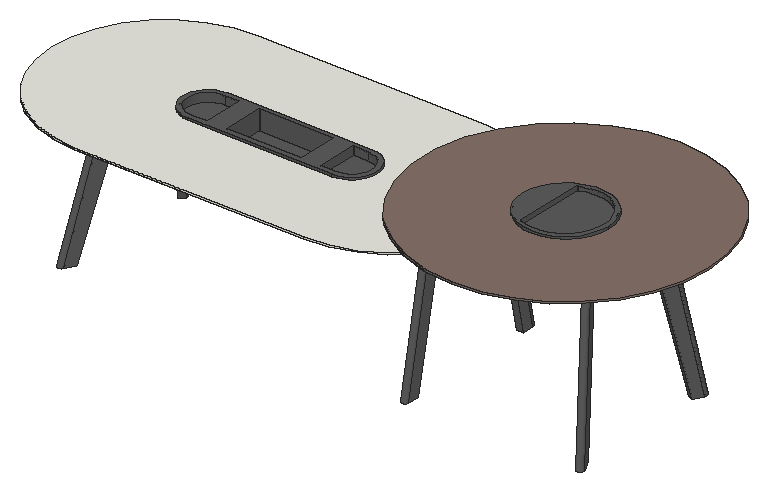
Revit family "Haworth_Immerse_ShiftTable_RacetrackRound", category Furniture Systems, Revit 2018
Family settings
  Round Connector Dimension = Use Diameter
  Part Type = Normal
  OmniClass Number = 23.40.70.14.64.21
  OmniClass Title = Systems Furniture
  Work Plane-Based = No
  Always vertical = Yes
  Cut with Voids When Loaded = No
  Shared = No
  Room Calculation Point = No
Parameters (values of type "48d 96w 60d 60w 29h - Two Planters")
  Warranty = "http://www.haworth.com/resources/product-info/warranties"
  Void Baseline Height = 18"  # constant formula
  Upper Top Finish [instance] = Haworth _ Wood _ Walnut
  Understructure Finish [instance] = Haworth _ Paint _ Black
  URL - Product = "http://www.haworth.com/products/tables/collaborative/immerse"
  Standard Size = "48d 96w, 60d 60w"  # constant formula
  Standard Height = "29 in"  # constant formula
  Stack Spacer Finish [instance] = Haworth _ Paint _ Graphite
  Size = "Verify Final Dim. w/ Haworth"  # constant formula
  Round Planter Void Height = if(Round Planter, 24", 6")  # 24"
  Round Planter = yes
  Planter Finish [instance] = Haworth _ Paint _ Black
  Oblong Planter Void Height = if(Oblong Planter, 22", 6")  # 22"
  Oblong Planter = yes
  Model = "THTD-48D8"  # constant formula
  URL = "https://www.haworth.com/na/en.html"
  Revision Number = "1"  # constant formula
  Manufacturer = "Haworth"  # constant formula
  Lower Top Finish [instance] = Haworth _ Paint _ Polar
  Leg Finish [instance] = Haworth _ Wood _ Ink On Ash
  Description = "Haworth Immerse Shift Table Racetrack Round - 48d 96w 60d 60w 29h - Two Planters"
  Author = "Haworth (Bentzen)"  # constant formula
  Assembly Code = "E2020200"
  Actual Width = 138"  # constant formula
  Actual Height = 29"  # constant formula
  Actual Depth = 60"  # constant formula
Types (5): name | Round Planter Void Height | Round Planter | Oblong Planter Void Height | Oblong Planter | Description
  (no name) | 24" | yes | 22" | yes | "Haworth Immerse Shift Table Racetrack Round - 48d 96w 60d 60w 29h - Two Planters"
  48d 96w 60d 60w 29h - Round Planter | 24" | yes | 6" | no | "Haworth Immerse Shift Table Racetrack Round - 48d 96w 60d 60w 29h - Round Planter"
  48d 96w 60d 60w 29h - No Planter | 6" | no | 6" | no | "Haworth Immerse Shift Table Racetrack Round - 48d 96w 60d 60w 29h - No Planter"
  48d 96w 60d 60w 29h - Oblong Planter | 6" | no | 22" | yes | "Haworth Immerse Shift Table Racetrack Round - 48d 96w 60d 60w 29h - Oblong Planter"
  48d 96w 60d 60w 29h - Two Planters | 24" | yes | 22" | yes | "Haworth Immerse Shift Table Racetrack Round - 48d 96w 60d 60w 29h - Two Planters"
Reference planes (in)
  plane 1 "Center F/B": y = 18.84134
  plane 2 "Floor": z = 0
  plane 3 "Center L/R": x = -40.5
  plane 4 "Table Edge Left": x = -109.5
  plane 5 "Table Edge Right": x = 28.5
  plane 6 "Table Edge Front": y = -11.15866
  plane 7 "Table Edge Back": y = 48.84134
  plane 8 "Round Top": z = 35.75002
  plane 9 "Rect Back": y = 42.84134
  plane 10 "Rect Front": y = -5.15866
  plane 11 "Rect Left": x = -13.5
  plane 12 "Top Radius": x = -28.5
  plane 13: y = 8.62865
  plane 14: y = 29.05403
  plane 15 "Round Mid": z = 35.37446
  plane 16 "Round Bottom": z = 34.56196
  plane 17 "Rect Top": z = 29
  plane 18 "Rect Mid": z = 28.62445
  plane 19 "Rect Bottom": z = 27.81195
  plane 20 "Round Center": x = -1.5
  plane 21: through (-89.18122, 11.94051, 48) normal (0.866, -0.5, 0)
  plane 22 "Lower Void Top": z = 40
  plane 23 "Void Bottom": z = 18
  plane 24 "Upper Void Top": z = 42
  plane 25 "Oblong Mid": x = -61.52883
  plane 26: x = -31.50038
Forms (in)
  Extrusion 1, solid, material "Haworth _ Paint _ Polar" <- "Lower Top Finish"
    sketch origin (0, 0, 37.5) x (-1, 0, 0) y (0, -1, 0)
      loop
        line (37.38842, -42.84134) -> (85.38842, -42.84134)
        arc (85.38842, -42.84134) -> (109.38842, -18.84134) -> (85.38842, 5.15866) r 24
        line (85.38842, 5.15866) -> (37.38842, 5.15866)
        arc (37.38842, 5.15866) -> (13.38842, -18.84134) -> (37.38842, -42.84134) r 24
    from -8.87555 to -8.5
  Blend 2, solid, material "Haworth _ Paint _ Polar" <- "Lower Top Finish"
    base sketch origin (0, 0, 28.62445) x (0, -1, 0) y (1, 0, 0)
      loop
        arc (-40.84134, -85.52788) -> (-18.84134, -107.52788) -> (3.15866, -85.52788) r 22
        line (3.15866, -85.52788) -> (3.15866, -37.38842)
        arc (3.15866, -37.38842) -> (-18.84134, -15.38842) -> (-40.84134, -37.38842) r 22
        line (-40.84134, -37.38842) -> (-40.84134, -85.52788)
    top sketch origin (0, 0, 28.62445) x (0, -1, 0) y (1, 0, 0)
      loop
        arc (-42.84134, -85.38842) -> (-18.84134, -109.38842) -> (5.15866, -85.38842) r 24
        line (5.15866, -85.38842) -> (5.15866, -37.38842)
        arc (5.15866, -37.38842) -> (-18.84134, -13.38842) -> (-42.84134, -37.38842) r 24
        line (-42.84134, -37.38842) -> (-42.84134, -85.38842)
    from -0.8125 to 0
  Extrusion 3, solid, material "Haworth _ Wood _ Walnut" <- "Upper Top Finish"
    sketch origin (0, 0, 28.62445) x (0, -1, 0) y (1, 0, 0)
      loop
        circle (-18.84134, -1.5) r 30
    from 6.75002 to 7.12557
  Blend 4, solid, material "Haworth _ Wood _ Walnut" <- "Upper Top Finish"
    base sketch origin (0, 0, 35.87445) x (0, -1, 0) y (1, 0, 0)
      loop
        circle (-18.84134, -1.5) r 28
    top sketch origin (0, 0, 35.37446) x (0, -1, 0) y (1, 0, 0)
      loop
        circle (-18.84134, -1.5) r 30
    from -1.31248 to 0
  Blend 5, solid, material "Haworth _ Wood _ Ink On Ash" <- "Leg Finish"
    base sketch origin (0, 0, 35.37446) x (0, -1, 0) y (1, 0, 0)
      loop
        line (-5.12742, -94.00965) -> (-3.14193, -95.15598)
        arc (-3.14193, -95.15598) -> (-2.08219, -94.87202) -> (-2.36615, -93.81228) r 0.77578
        line (-2.36615, -93.81228) -> (-4.35163, -92.66596) -> (-5.12742, -94.00965)
    top sketch origin (0, 0, 35.37446) x (0, -1, 0) y (1, 0, 0)
      loop
        line (-11.55301, -88.51006) -> (-12.32801, -89.85239) -> (-9.43473, -91.52283)
        arc (-9.43473, -91.52283) -> (-8.37606, -91.23915) -> (-8.65973, -90.18048) r 0.775
        line (-8.65973, -90.18048) -> (-11.55301, -88.51006)
    from -35.37446 to -7.55446
  Extrusion 6, solid, material "Haworth _ Paint _ Black" <- "Understructure Finish"
    sketch origin (0, 18.84134, 0) x (1, 0, 0) y (0, 0, 1)
      loop
        line (-88.54883, 27.81195) -> (-90.28088, 27.81195) -> (-90.28088, 25.26448) -> (-88.54883, 25.26448) -> (-88.54883, 27.81195)
    from -7.90178 to 7.90541
  Blend 7, solid, material "Haworth _ Wood _ Ink On Ash" <- "Leg Finish"
    base sketch origin (-80, 0, 35.87445) x (0, -1, 0) y (1, 0, 0)
      loop
        line (-5.12742, 94.00965) -> (-4.35163, 92.66596) -> (-2.36615, 93.81228)
        arc (-2.36615, 93.81228) -> (-2.08219, 94.87202) -> (-3.14193, 95.15598) r 0.77578
        line (-3.14193, 95.15598) -> (-5.12742, 94.00965)
    top sketch origin (-80, 0, 35.37446) x (0, -1, 0) y (1, 0, 0)
      loop
        line (-11.55301, 88.51006) -> (-8.65973, 90.18048)
        arc (-8.65973, 90.18048) -> (-8.37606, 91.23915) -> (-9.43473, 91.52283) r 0.775
        line (-9.43473, 91.52283) -> (-12.32801, 89.85239) -> (-11.55301, 88.51006)
    from -35.87445 to -0.8125
  Blend 8, solid, material "Haworth _ Wood _ Ink On Ash" <- "Leg Finish"
    base sketch origin (-80, 37.68268, 35.37446) x (0, 1, 0) y (-1, 0, 0)
      loop
        line (-5.12742, -94.00965) -> (-3.14193, -95.15598)
        arc (-3.14193, -95.15598) -> (-2.08219, -94.87202) -> (-2.36615, -93.81228) r 0.77578
        line (-2.36615, -93.81228) -> (-4.35163, -92.66596) -> (-5.12742, -94.00965)
    top sketch origin (-80, 37.68268, 35.37446) x (0, 1, 0) y (-1, 0, 0)
      loop
        line (-11.55301, -88.51006) -> (-12.32801, -89.85239) -> (-9.43473, -91.52283)
        arc (-9.43473, -91.52283) -> (-8.37606, -91.23915) -> (-8.65973, -90.18048) r 0.775
        line (-8.65973, -90.18048) -> (-11.55301, -88.51006)
    from -35.37446 to -0.8125
  Extrusion 9, solid, material "Haworth _ Paint _ Black" <- "Understructure Finish"
    sketch origin (-80, 18.84134, 6.75) x (-1, 0, 0) y (0, 0, -1)
      loop
        line (-88.54883, -27.81195) -> (-88.54883, -25.26448) -> (-90.28088, -25.26448) -> (-90.28088, -27.81195) -> (-88.54883, -27.81195)
    from -8.13731 to 8.13731
  Blend 10, solid, material "Haworth _ Wood _ Ink On Ash" <- "Leg Finish"
    base sketch origin (0, 0, 35.37446) x (0, -1, 0) y (1, 0, 0)
      loop
        line (-4.90286, -22.96047) -> (-2.64952, -22.96047)
        arc (-2.64952, -22.96047) -> (-1.87452, -22.18547) -> (-2.64952, -21.41047) r 0.775
        line (-2.64952, -21.41047) -> (-4.90286, -21.41047) -> (-4.90286, -22.96047)
    top sketch origin (0, 0, 35.37446) x (0, -1, 0) y (1, 0, 0)
      loop
        line (-10.91669, -22.96052) -> (-8.31345, -22.96052)
        arc (-8.31345, -22.96052) -> (-7.5384, -22.18547) -> (-8.31345, -21.41042) r 0.77505
        line (-8.31345, -21.41042) -> (-10.91669, -21.41042) -> (-10.91669, -22.96052)
    from -35.37446 to -7.56252
  Blend 11, solid, material "Haworth _ Wood _ Ink On Ash" <- "Leg Finish"
    base sketch origin (0, 37.68268, 35.37446) x (0, 1, 0) y (-1, 0, 0)
      loop
        line (-4.90286, 22.96047) -> (-4.90286, 21.41047) -> (-2.64952, 21.41047)
        arc (-2.64952, 21.41047) -> (-1.87452, 22.18547) -> (-2.64952, 22.96047) r 0.775
        line (-2.64952, 22.96047) -> (-4.90286, 22.96047)
    top sketch origin (0, 37.68268, 35.37446) x (0, 1, 0) y (-1, 0, 0)
      loop
        line (-10.91669, 22.96052) -> (-10.91669, 21.41042) -> (-8.31345, 21.41042)
        arc (-8.31345, 21.41042) -> (-7.5384, 22.18547) -> (-8.31345, 22.96052) r 0.77505
        line (-8.31345, 22.96052) -> (-10.91669, 22.96052)
    from -35.37446 to -7.56252
  Blend 12, solid, material "Haworth _ Paint _ Graphite" <- "Stack Spacer Finish"
    base sketch origin (0, 0, 35.37446) x (0, -1, 0) y (1, 0, 0)
      loop
        line (-29.60909, -22.93693) -> (-8.07359, -22.93693)
        arc (-8.07359, -22.93693) -> (-7.29856, -22.16189) -> (-8.07359, -21.38686) r 0.77503
        line (-8.07359, -21.38686) -> (-29.60909, -21.38686)
        arc (-29.60909, -21.38686) -> (-30.38413, -22.16189) -> (-29.60909, -22.93693) r 0.77503
    top sketch origin (0, 0, 35.37446) x (0, -1, 0) y (1, 0, 0)
      loop
        line (-28.279, -22.93693) -> (-9.40368, -22.93693)
        arc (-9.40368, -22.93693) -> (-8.62865, -22.16189) -> (-9.40368, -21.38686) r 0.77503
        line (-9.40368, -21.38686) -> (-28.279, -21.38686)
        arc (-28.279, -21.38686) -> (-29.05403, -22.16189) -> (-28.279, -22.93693) r 0.77503
    from -6.37446 to -0.80345
  Extrusion 13, solid, material "Haworth _ Paint _ Black" <- "Understructure Finish"
    sketch origin (3.75, 18.84134, 0) x (1, 0, 0) y (0, 0, 1)
      loop
        line (-26.78513, 27.81195) -> (-92.29883, 27.81195) -> (-92.29883, 25.26448) -> (-26.78513, 25.26448) -> (-26.78513, 27.81195)
    from 6.49696 to 7.90541
  Extrusion 14, solid, material "Haworth _ Paint _ Black" <- "Understructure Finish"
    sketch origin (3.75, 18.84134, 0) x (1, 0, 0) y (0, 0, -1)
      loop
        line (-26.78513, -27.81195) -> (-26.78513, -25.26448) -> (-92.29883, -25.26448) -> (-92.29883, -27.81195) -> (-26.78513, -27.81195)
    from 6.49696 to 7.90178
  Extrusion 15, solid, material "Haworth _ Paint _ Black" <- "Understructure Finish"
    sketch origin (-85.75, 18.84134, 6.75) x (-1, 0, 0) y (0, 0, -1)
      loop
        line (-64.44692, -27.81195) -> (-64.44692, -25.26448) -> (-94.29883, -25.26448) -> (-94.29883, -27.81195) -> (-64.44692, -27.81195)
    from -8.13731 to -6.75178
  Extrusion 16, solid, material "Haworth _ Paint _ Black" <- "Understructure Finish"
    sketch origin (-85.75, 18.84134, 6.75) x (-1, 0, 0) y (0, 0, 1)
      loop
        line (-64.44692, 27.81195) -> (-94.29883, 27.81195) -> (-94.29883, 25.26448) -> (-64.44692, 25.26448) -> (-64.44692, 27.81195)
    from -8.13731 to -6.73249
  Extrusion 17, solid, material "Haworth _ Paint _ Black" <- "Understructure Finish"
    sketch origin (67.24575, 18.84134, 0) x (1, 0, 0) y (0, 0, 1)
      loop
        line (-88.54883, 27.81195) -> (-90.28088, 27.81195) -> (-90.28088, 25.26448) -> (-88.54883, 25.26448) -> (-88.54883, 27.81195)
    from -7.90178 to 7.90541
  Extrusion 18, void
    sketch origin (0, 0, 18) x (-1, 0, 0) y (0, -1, 0)
      loop
        arc (76.59, -23.65134) -> (81.4, -18.84134) -> (76.59, -14.03134) r 4.81
        line (76.59, -14.03134) -> (46.41, -14.03134)
        arc (46.41, -14.03134) -> (41.6, -18.84134) -> (46.41, -23.65134) r 4.81
        line (46.41, -23.65134) -> (76.59, -23.65134)
    from 0 to 22
  Extrusion 19, void
    sketch origin (0, 0, 18) x (-1, 0, 0) y (0, -1, 0)
      loop
        line (5.61887, -26.65184) -> (5.61887, -23.65184) -> (8.9046, -23.65184)
        arc (8.9046, -23.65184) -> (10.33, -18.84134) -> (8.9046, -14.03084) r 8.83
        line (8.9046, -14.03084) -> (5.61887, -14.03084) -> (5.61887, -11.03084)
        arc (5.61887, -11.03084) -> (-7.33, -18.84134) -> (5.61887, -26.65184) r 8.83
    from 0 to 24
  Blend 20, solid, material "Haworth _ Wood _ Ink On Ash" <- "Leg Finish"
    base sketch origin (0, 37.68268, 35.37446) x (0, 1, 0) y (-1, 0, 0)
      loop
        line (-5.12742, 94.00965) -> (-4.35163, 92.66596) -> (-2.36615, 93.81228)
        arc (-2.36615, 93.81228) -> (-2.08219, 94.87202) -> (-3.14193, 95.15598) r 0.77578
        line (-3.14193, 95.15598) -> (-5.12742, 94.00965)
    top sketch origin (0, 37.68268, 35.37446) x (0, 1, 0) y (-1, 0, 0)
      loop
        line (-11.55301, 88.51006) -> (-8.65973, 90.18048)
        arc (-8.65973, 90.18048) -> (-8.37606, 91.23915) -> (-9.43473, 91.52283) r 0.775
        line (-9.43473, 91.52283) -> (-12.32801, 89.85239) -> (-11.55301, 88.51006)
    from -35.37446 to -7.55446
Cuts and joins
  Extrusion 18 cuts Extrusion 1
  Extrusion 18 cuts Blend 2
  Extrusion 19 cuts Extrusion 3
  Extrusion 19 cuts Blend 4
Lines and regions (in)
  Masking region 1
    outline origin (0, 0, 0) x (1, 0, 0) y (0, 1, 0)
      loop
        line (-37.38842, 42.84134) -> (-85.38842, 42.84134)
        arc (-85.38842, 42.84134) -> (-109.38842, 18.84134) -> (-85.38842, -5.15866) r 24
        line (-85.38842, -5.15866) -> (-37.38842, -5.15866)
        arc (-37.38842, -5.15866) -> (-30.36533, -4.1045) -> (-23.96121, -1.03491) r 23.92185
        arc (-23.96121, -1.03491) -> (28.5, 18.84134) -> (-23.96121, 38.7176) r 29.99592
        arc (-23.96121, 38.7176) -> (-30.36533, 41.78718) -> (-37.38842, 42.84134) r 23.92185
  symbolic lines, style "Haworth Hidden", detail levels fine
    curve 1: arc (-22.96052, 2.63669, 0) -> (-22.18549, 1.86167, 0) -> (-21.41047, 2.63669, 0) r 0.77502
    curve 2: line (-22.96052, 2.63669, 0) -> (-22.96052, 35.04599, 0)
    curve 3: line (-21.41047, 2.63669, 0) -> (-21.41047, 35.04599, 0)
    curve 4: arc (-22.96052, 35.04599, 0) -> (-22.18549, 35.82101, 0) -> (-21.41047, 35.04599, 0) r 0.77502
    curve 5: line (-90.28088, 25.73538, 0) -> (-90.28088, 12.13095, 0)
    curve 6: line (-88.54883, 25.3383, 0) -> (-88.54883, 12.34438, 0)
    curve 7: line (-88.54883, 25.3383, 0) -> (-23.35142, 25.3383, 0)
    curve 8: line (-88.54815, 26.74312, 0) -> (-23.35142, 26.74312, 0)
    curve 9: line (-88.54883, 12.34438, 0) -> (-23.35142, 12.34438, 0)
    curve 10: line (-88.54815, 10.93956, 0) -> (-23.35142, 10.93956, 0)
    curve 11: line (-21.2839, 26.97866, 0) -> (8.54883, 26.97866, 0)
    curve 12: line (-21.2839, 25.57384, 0) -> (8.54883, 25.57384, 0)
    curve 13: line (-21.2839, 12.10885, 0) -> (8.54883, 12.10885, 0)
    curve 14: line (-21.2839, 10.70403, 0) -> (8.54883, 10.70403, 0)
    curve 15: line (10.28088, 25.73538, 0) -> (10.28088, 11.918, 0)
    curve 16: line (8.54883, 25.3383, 0) -> (8.54883, 12.34438, 0)
    curve 17: line (-88.54815, 10.93956, 0) -> (-93.4404, 2.46593, 0)
    curve 18: line (-90.28088, 12.13095, 0) -> (-95.25584, 3.51408, 0)
    curve 19: arc (-93.4404, 2.46593, 0) -> (-94.87219, 2.08229, 0) -> (-95.25584, 3.51408, 0) r 1.04814
    curve 20: line (-88.54815, 26.74312, 0) -> (-93.4404, 35.21675, 0)
    curve 21: line (-90.28088, 25.55173, 0) -> (-95.25584, 34.16861, 0)
    curve 22: arc (-93.4404, 35.21675, 0) -> (-94.87219, 35.60039, 0) -> (-95.25584, 34.16861, 0) r 1.04814
    curve 23: line (8.54815, 26.74312, 0) -> (13.4404, 35.21675, 0)
    curve 24: line (10.28088, 25.55173, 0) -> (15.25584, 34.16861, 0)
    curve 25: arc (13.4404, 35.21675, 0) -> (14.87219, 35.60039, 0) -> (15.25584, 34.16861, 0) r 1.04814
    curve 26: line (8.54815, 10.93956, 0) -> (13.4404, 2.46593, 0)
    curve 27: line (10.28088, 12.13095, 0) -> (15.25584, 3.51408, 0)
    curve 28: arc (13.4404, 2.46593, 0) -> (14.87219, 2.08229, 0) -> (15.25584, 3.51408, 0) r 1.04814
    curve 29: arc (-23.96121, 38.7176, 0) -> (-13.38842, 18.84134, 0) -> (-23.96121, -1.03491, 0) r 23.96952
  symbolic lines, style "Haworth"
    curve 30: arc (-23.96121, -1.03491, 0) -> (-31.50038, 18.84134, 0) -> (-23.96121, 38.7176, 0) r 29.97045
Dimensions and locks (in)
  "Actual Depth": plane 7 "Table Edge Back" to plane 6 "Table Edge Front"
  "Actual Width": plane 4 "Table Edge Left" to plane 5 "Table Edge Right"
  equal spacing: plane 4 "Table Edge Left", plane 3 "Center L/R", plane 5 "Table Edge Right"
  equal spacing: plane 7 "Table Edge Back", plane 1 "Center F/B", plane 6 "Table Edge Front"
  plane 10 "Rect Front" to plane 1 "Center F/B" to plane 9 "Rect Back" = 24", 24"
  "Void Baseline Height": plane 23 "Void Bottom" to plane 2 "Floor"
  "Oblong Planter Void Height": plane 22 "Lower Void Top" to plane 23 "Void Bottom"
  "Round Planter Void Height": plane 24 "Upper Void Top" to plane 23 "Void Bottom"
  plane 8 "Round Top" to plane 15 "Round Mid" to plane 16 "Round Bottom" to plane 17 "Rect Top" to plane 18 "Rect Mid" to plane 19 "Rect Bottom" = 0.37555" locked, 13/16" locked, 5.56196" locked, 0.37555" locked, 13/16" locked
  "Actual Height": plane 17 "Rect Top" to plane 2 "Floor"
  aligned and locked: plane 18 "Rect Mid" to Extrusion 1
  aligned and locked: plane 19 "Rect Bottom" to Blend 2
  aligned and locked: Blend 2 to plane 18 "Rect Mid"
  aligned and locked: Extrusion 3 to plane 8 "Round Top"
  aligned and locked: plane 15 "Round Mid" to Extrusion 3
  aligned and locked: Blend 4 to plane 15 "Round Mid"
  aligned and locked: Extrusion 18 to plane 23 "Void Bottom"
  aligned and locked: plane 22 "Lower Void Top" to Extrusion 18
  aligned and locked: Extrusion 19 to plane 23 "Void Bottom"
  aligned and locked: Extrusion 19 to plane 24 "Upper Void Top"
  aligned and locked: nested 5 to plane 1 "Center F/B"
  aligned and locked: plane 25 "Oblong Mid" to nested 5
  aligned and locked: nested 6 to plane 1 "Center F/B"
  aligned and locked: plane 20 "Round Center" to nested 6
  aligned and locked: plane 8 "Round Top" to nested 6
  aligned and locked: plane 10 "Rect Front" to cut or joined group of Extrusion 1, Extrusion 18
  aligned and locked: plane 9 "Rect Back" to cut or joined group of Extrusion 1, Extrusion 18
  aligned and locked: plane 16 "Round Bottom" to nested 3
  aligned and locked: nested 4 to plane 16 "Round Bottom"
  aligned and locked: cut or joined group of Extrusion 1, Extrusion 18 to plane 17 "Rect Top"
  aligned and locked: nested 1 to plane 19 "Rect Bottom"
  aligned and locked: plane 19 "Rect Bottom" to nested 2
  aligned and locked: Blend 5 to plane 2 "Floor"
  aligned and locked: Blend 20 to plane 2 "Floor"
  aligned and locked: Blend 10 to plane 2 "Floor"
  aligned and locked: Blend 11 to plane 2 "Floor"
  aligned and locked: Blend 8 to plane 2 "Floor"
  aligned and locked: plane 16 "Round Bottom" to cut or joined group of Blend 4, Extrusion 19
  aligned and locked: plane 17 "Rect Top" to nested 5
Automatic sketch dimensions
  plane 1 "Center F/B" to Extrusion 3 sketch curve = 0"
  Extrusion 3 sketch curve to plane 20 "Round Center" = 0"
  plane 1 "Center F/B" to Blend 4 sketch curve = 0"  (x2)
  Blend 4 sketch curve to plane 20 "Round Center" = 0"  (x2)
  plane 13 to Blend 5 sketch curve = 3.50123"
  Blend 5 sketch curve to Blend 5 sketch curve = 0.77578"
  Blend 5 sketch curve to Blend 5 sketch curve = 1.98549"
  Blend 5 sketch curve to Blend 5 sketch curve = 0.38789"  (x2)
  plane 4 "Table Edge Left" to Blend 5 sketch curve = 14.34402"
  Blend 5 sketch curve to Blend 5 sketch curve = 0.67185"
  Blend 5 sketch curve to plane 13 = 3.69936"
  Blend 5 sketch curve to Blend 5 sketch curve = 0.775"
  Blend 5 sketch curve to plane 13 = 0.80608"
  Blend 5 sketch curve to plane 13 = 0.41858"
  Blend 5 sketch curve to plane 13 = 0.03108"
  plane 4 "Table Edge Left" to Blend 5 sketch curve = 17.97717"
  Blend 5 sketch curve to Blend 5 sketch curve = 0.67117"
  Blend 5 sketch curve to Blend 5 sketch curve = 1.67043"
  Blend 5 sketch curve to Blend 5 sketch curve = 1.34233"
  Extrusion 6 sketch curve to plane 19 "Rect Bottom" = 0"
  plane 4 "Table Edge Left" to Extrusion 6 sketch curve = 19.21912"
  Extrusion 6 sketch curve to Extrusion 6 sketch curve = 1.73205"
  Extrusion 6 sketch curve to Extrusion 6 sketch curve = 2.54747"
  Blend 7 sketch curve to plane 13 = 3.50123"
  Blend 7 sketch curve to Blend 7 sketch curve = 0.77578"
  Blend 7 sketch curve to Blend 7 sketch curve = 1.98549"
  Blend 7 sketch curve to Blend 7 sketch curve = 0.38789"  (x2)
  plane 5 "Table Edge Right" to Blend 7 sketch curve = 13.34402"
  Blend 7 sketch curve to Blend 7 sketch curve = 0.67185"
  plane 13 to Blend 7 sketch curve = 3.69936"
  Blend 7 sketch curve to Blend 7 sketch curve = 0.775"
  plane 13 to Blend 7 sketch curve = 0.80608"
  plane 13 to Blend 7 sketch curve = 0.41858"
  plane 13 to Blend 7 sketch curve = 0.03108"
  Blend 7 sketch curve to plane 20 "Round Center" = 13.02283"
  Blend 7 sketch curve to Blend 7 sketch curve = 0.67117"
  Blend 7 sketch curve to Blend 7 sketch curve = 1.67043"
  Blend 7 sketch curve to Blend 7 sketch curve = 1.34233"
  plane 14 to Blend 8 sketch curve = 3.50123"
  Blend 8 sketch curve to Blend 8 sketch curve = 0.77578"
  Blend 8 sketch curve to Blend 8 sketch curve = 1.98549"
  Blend 8 sketch curve to Blend 8 sketch curve = 0.38789"  (x2)
  Blend 8 sketch curve to plane 5 "Table Edge Right" = 13.34402"
  Blend 8 sketch curve to Blend 8 sketch curve = 0.67185"
  Blend 8 sketch curve to plane 14 = 3.69936"
  Blend 8 sketch curve to Blend 8 sketch curve = 0.775"
  Blend 8 sketch curve to plane 14 = 0.80608"
  Blend 8 sketch curve to plane 14 = 0.41858"
  Blend 8 sketch curve to plane 14 = 0.03108"
  plane 20 "Round Center" to Blend 8 sketch curve = 13.02283"
  Blend 8 sketch curve to Blend 8 sketch curve = 0.67117"
  Blend 8 sketch curve to Blend 8 sketch curve = 1.67043"
  Blend 8 sketch curve to Blend 8 sketch curve = 1.34233"
  Extrusion 9 sketch curve to plane 16 "Round Bottom" = 0"
  Extrusion 9 sketch curve to plane 20 "Round Center" = 11.78088"
  Extrusion 9 sketch curve to Extrusion 9 sketch curve = 1.73205"
  Extrusion 9 sketch curve to Extrusion 9 sketch curve = 2.54747"
  plane 13 to Blend 10 sketch curve = 3.72579"
  Blend 10 sketch curve to Blend 10 sketch curve = 2.25334"
  plane 12 "Top Radius" to Blend 10 sketch curve = 5.53953"
  Blend 10 sketch curve to Blend 10 sketch curve = 0.775"
  Blend 10 sketch curve to plane 13 = 2.28804"
  plane 13 to Blend 10 sketch curve = 0.3152"
  plane 12 "Top Radius" to Blend 10 sketch curve = 5.53948"
  Blend 10 sketch curve to Blend 10 sketch curve = 0.77505"
  Blend 11 sketch curve to plane 14 = 3.72579"
  Blend 11 sketch curve to Blend 11 sketch curve = 2.25334"
  Blend 11 sketch curve to plane 12 "Top Radius" = 5.53953"
  Blend 11 sketch curve to Blend 11 sketch curve = 0.775"
  plane 14 to Blend 11 sketch curve = 2.28804"
  Blend 11 sketch curve to plane 14 = 0.3152"
  Blend 11 sketch curve to plane 12 "Top Radius" = 5.53948"
  Blend 11 sketch curve to Blend 11 sketch curve = 0.77505"
  plane 14 to Blend 12 sketch curve = 0.55506"
  plane 13 to Blend 12 sketch curve = 0.55506"
  plane 12 "Top Radius" to Blend 12 sketch curve = 5.56307"  (x2)
  Blend 12 sketch curve to Blend 12 sketch curve = 0.77503"  (x2)
  Blend 12 sketch curve to plane 14 = 0.77503"
  Blend 12 sketch curve to plane 13 = 0.77503"
  Extrusion 13 sketch curve to plane 19 "Rect Bottom" = 0"
  plane 4 "Table Edge Left" to Extrusion 13 sketch curve = 20.95117"
  plane 12 "Top Radius" to Extrusion 13 sketch curve = 5.46487"
  Extrusion 13 sketch curve to Extrusion 13 sketch curve = 2.54747"
  Extrusion 14 sketch curve to plane 19 "Rect Bottom" = 0"
  plane 4 "Table Edge Left" to Extrusion 14 sketch curve = 20.95117"
  plane 12 "Top Radius" to Extrusion 14 sketch curve = 5.46487"
  Extrusion 14 sketch curve to Extrusion 14 sketch curve = 2.54747"
  Extrusion 15 sketch curve to plane 16 "Round Bottom" = 0"
  Extrusion 15 sketch curve to plane 20 "Round Center" = 10.04883"
  Extrusion 15 sketch curve to plane 12 "Top Radius" = 7.19692"
  Extrusion 15 sketch curve to Extrusion 15 sketch curve = 2.54747"
  plane 16 "Round Bottom" to Extrusion 16 sketch curve = 0"
  plane 20 "Round Center" to Extrusion 16 sketch curve = 10.04883"
  plane 12 "Top Radius" to Extrusion 16 sketch curve = 7.19692"
  Extrusion 16 sketch curve to Extrusion 16 sketch curve = 2.54747"
  Extrusion 17 sketch curve to plane 19 "Rect Bottom" = 0"
  plane 12 "Top Radius" to Extrusion 17 sketch curve = 5.46487"
  Extrusion 17 sketch curve to Extrusion 17 sketch curve = 1.73205"
  Extrusion 17 sketch curve to Extrusion 17 sketch curve = 2.54747"
  plane 1 "Center F/B" to Extrusion 18 sketch curve = 0"
  Extrusion 18 sketch curve to plane 3 "Center L/R" = 5.91"
  plane 1 "Center F/B" to Extrusion 18 sketch curve = 4.81"
  Extrusion 18 sketch curve to plane 25 "Oblong Mid" = 15.06117"
  Extrusion 19 sketch curve to Extrusion 19 sketch curve = 0"  (x2)
  plane 1 "Center F/B" to Extrusion 19 sketch curve = 0"
  Extrusion 19 sketch curve to plane 20 "Round Center" = 0"
  Extrusion 19 sketch curve to plane 20 "Round Center" = 4.11887"  (x2)
  Extrusion 19 sketch curve to Extrusion 19 sketch curve = 3.28573"  (x2)
  Extrusion 19 sketch curve to plane 1 "Center F/B" = 4.8105"
  Extrusion 19 sketch curve to plane 14 = 2.40219"
  Blend 20 sketch curve to plane 14 = 3.50123"
  Blend 20 sketch curve to Blend 20 sketch curve = 0.77578"
  Blend 20 sketch curve to Blend 20 sketch curve = 1.98549"
  Blend 20 sketch curve to Blend 20 sketch curve = 0.38789"  (x2)
  Blend 20 sketch curve to plane 4 "Table Edge Left" = 14.34402"
  Blend 20 sketch curve to Blend 20 sketch curve = 0.67185"
  plane 14 to Blend 20 sketch curve = 3.69936"
  Blend 20 sketch curve to Blend 20 sketch curve = 0.775"
  plane 14 to Blend 20 sketch curve = 0.80608"
  plane 14 to Blend 20 sketch curve = 0.41858"
  plane 14 to Blend 20 sketch curve = 0.03108"
  Blend 20 sketch curve to plane 4 "Table Edge Left" = 17.97717"
  Blend 20 sketch curve to Blend 20 sketch curve = 0.67117"
  Blend 20 sketch curve to Blend 20 sketch curve = 1.67043"
  Blend 20 sketch curve to Blend 20 sketch curve = 1.34233"
  Extrusion 1 sketch curve to plane 9 "Rect Back" = 0"
  plane 10 "Rect Front" to Extrusion 1 sketch curve = 0"
  plane 3 "Center L/R" to Extrusion 1 sketch curve = 3.11158"
  Extrusion 1 sketch curve to plane 25 "Oblong Mid" = 23.85959"
  plane 1 "Center F/B" to Blend 2 sketch curve = 0"  (x2)
  Blend 2 sketch curve to plane 9 "Rect Back" = 2"
  plane 4 "Table Edge Left" to Blend 2 sketch curve = 23.97212"
  plane 3 "Center L/R" to Blend 2 sketch curve = 3.11158"  (x2)
  Blend 2 sketch curve to plane 9 "Rect Back" = 0"
  Blend 2 sketch curve to plane 25 "Oblong Mid" = 23.85959"
  Masking region 1 sketch curve to plane 9 "Rect Back" = 0"
  plane 1 "Center F/B" to Masking region 1 sketch curve = 0"  (x2)
  Masking region 1 sketch curve to plane 25 "Oblong Mid" = 23.85959"
  plane 3 "Center L/R" to Masking region 1 sketch curve = 3.11158"  (x2)
  plane 20 "Round Center" to Masking region 1 sketch curve = 0.00408"
  plane 1 "Center F/B" to Masking region 1 sketch curve = 0.07815"
  Masking region 1 sketch curve to plane 1 "Center F/B" = 0.07815"
  Masking region 1 sketch curve to plane 10 "Rect Front" = 4.12375"
  plane 1 "Center F/B" to curve 29 = 0"
  plane 1 "Center F/B" to curve 30 = 0"
  plane 14 to curve 21 = 5.11457"
  plane 4 "Table Edge Left" to curve 21 = 14.24416"
  plane 13 to curve 18 = 5.11457"
  plane 4 "Table Edge Left" to curve 18 = 14.24416"
  curve 19 to curve 19 = 0.90772"
  curve 21 to curve 22 = 0.90772"
  plane 14 to curve 20 = 6.16271"
  curve 22 to curve 20 = 0.90772"
  plane 13 to curve 17 = 6.16271"
  curve 19 to curve 17 = 0.90772"
  curve 5 to plane 13 = 3.5023"
  curve 19 to curve 5 = 4.97495"
  curve 21 to curve 7 = 1.73205"
  curve 6 to curve 8 = 0.00068"
  curve 6 to curve 10 = 0.00068"
  plane 3 "Center L/R" to curve 29 = 3.14206"
  plane 12 "Top Radius" to curve 2 = 5.53948"
  curve 2 to curve 4 = 0.77502"
  curve 30 to plane 20 "Round Center" = 0.02993"
  plane 13 to curve 26 = 6.16271"
  plane 20 "Round Center" to curve 26 = 14.9404"
  plane 14 to curve 23 = 6.16271"
  plane 20 "Round Center" to curve 23 = 14.9404"
  curve 23 to curve 25 = 0.90772"
  curve 26 to curve 28 = 0.90772"
  plane 14 to curve 24 = 5.11457"
  curve 25 to curve 24 = 0.90772"
  plane 13 to curve 27 = 5.11457"
  curve 28 to curve 27 = 0.90772"
  plane 13 to curve 3 = 5.99196"
  curve 10 to curve 5 = 1 49/256"
  curve 10 to curve 9 = 1.40482"
  curve 6 to plane 14 = 3.71573"
  curve 6 to curve 8 = 1.40482"
  plane 14 to curve 2 = 5.99196"
  curve 30 to curve 2 = 1.00069"
  plane 12 "Top Radius" to curve 7 = 5.14858"
  plane 12 "Top Radius" to curve 10 = 5.14858"
  curve 8 to curve 7 = 0"
  curve 9 to curve 10 = 0"
  curve 9 to curve 13 = 2.06752"
  curve 7 to curve 12 = 2.06752"
  curve 14 to curve 13 = 0"
  curve 11 to curve 12 = 0"
  curve 23 to plane 14 = 2.31091"
  curve 23 to curve 25 = 4.89225"
  curve 26 to plane 13 = 2.31091"
  curve 26 to curve 28 = 4.89225"
  curve 23 to curve 12 = 0.00068"
  curve 23 to curve 11 = 0.00068"
  curve 26 to curve 14 = 0.00068"
  curve 16 to curve 12 = 0"
  curve 13 to curve 16 = 0"
  curve 24 to plane 14 = 3.5023"
  curve 12 to curve 24 = 1.73205"
  curve 30 to curve 2 = 3.67161"
  curve 14 to curve 26 = 0.23553"
  curve 26 to curve 15 = 0.97843"
  curve 26 to curve 13 = 1.16929"
  curve 15 to curve 27 = 0.21296"
  curve 13 to curve 16 = 0.23553"
  curve 16 to curve 23 = 1.40482"
  curve 6 to curve 21 = 0.21343"
  curve 16 to curve 12 = 0.23553"
  curve 24 to curve 15 = 0.18365"
  curve 21 to curve 5 = 0.18365"
  curve 23 to curve 11 = 0.23553"
  radius of Extrusion 3 sketch curve = 30"
  radius of Blend 4 sketch curve = 28"
  radius of Blend 4 sketch curve = 30"
Nested families (in)
  nested 1: "Haworth_Immerse_Support_Part" at (-63.53282, -24.63515, -0.42446) x (0.866, -0.5, 0) z (0, 0, 1), Understructure Finish <- "Understructure Finish", type "Support"
    with Understructure Finish Haworth _ Paint _ Black
  nested 2: "Haworth_Immerse_Support_Part" at (-63.53282, 62.31783, -0.42446) x (0.866, 0.5, 0) z (0, 0, 1), Understructure Finish <- "Understructure Finish", type "Support"
    with Understructure Finish Haworth _ Paint _ Black
  nested 3: "Haworth_Immerse_Support_Part" at (-16.46718, -24.63515, 6.32556) x (-0.866, -0.5, 0) z (0, 0, 1), Understructure Finish <- "Understructure Finish", type "Support"
    with Understructure Finish Haworth _ Paint _ Black
  nested 4: "Haworth_Immerse_Support_Part" at (-16.46718, 62.31783, 6.32556) x (-0.866, 0.5, 0) z (0, 0, 1), Understructure Finish <- "Understructure Finish", type "Support"
    with Understructure Finish Haworth _ Paint _ Black
  nested 5: "Haworth_Immerse_Planter_Oblong" at (-21.02883, 30, -0.49998), Planter Finish <- "Planter Finish", visible <- "Oblong Planter", type "EHPO"
    with Planter Finish Haworth _ Paint _ Black
  nested 6: "Haworth_Immerse_Planter_Round" at (-42, 7.68268, 6.25003) x (-1, 0, 0) z (0, 0, 1), visible <- "Round Planter", Planter Finish <- "Planter Finish", type "EHPR"
    with Planter Finish Haworth _ Paint _ Black
Definition of nested family "Haworth_Immerse_Support_Part"
  Parameters
    Warranty = "http://www.haworth.com/product-info/warranties"
    Understructure Finish [instance] = none
    URL - Product = "http://www.haworth.com/products/tables/collaborative/immerse"
    Model = ""
    URL = "http://www.haworth.com/"
    Revision Number = "1"  # constant formula
    Manufacturer = "Haworth"  # constant formula
    Description = "Haworth_Immerse_Support_Part"
    Author = "Haworth (Hampton)"  # constant formula
    Assembly Code = "E2020200"
    Actual Width = 138"  # constant formula
    Actual Height = 36 1/4"  # constant formula
    Actual Depth = 60"  # constant formula
  Reference planes (in)
    plane 1 "Floor": z = 0
    plane 2 "Center L/R": x = -40.5
    plane 3 "Table Edge Front": y = -11.15866
    plane 4 "Rect Top": z = 29.49998
    plane 5 "Rect Mid": z = 29.12443
    plane 6 "Rect Bottom": z = 28.31193
    plane 7: x = -40.5
    plane 8: x = -41.5
    plane 9: x = -41.25
    plane 10: x = -39.5
    plane 11: x = -39.75
  Forms (in)
    Extrusion 1, solid, material <- "Understructure Finish"
      sketch origin (0, 0, 35.87445) x (0, -1, 0) y (1, 0, 0)
        loop
          line (-18.38399, -41.5) -> (-6.75474, -41.5)
          arc (-6.75474, -41.5) -> (-5.75474, -40.5) -> (-6.75474, -39.5) r 1
          line (-6.75474, -39.5) -> (-18.38399, -39.5) -> (-18.38399, -41.5)
      from -10.10998 to -7.63804
    Extrusion 2, void
      sketch origin (-37.39844, 0, 0) x (0, 0, 1) y (0, -1, 0)
        loop
          line (25.60768, -18.68942) -> (27.79043, -5.30688) -> (25.54043, -5.30688) -> (25.54043, -18.68942) -> (25.60768, -18.68942)
      from -6.31779 to 0.64844
    Extrusion 3, void
      sketch origin (0, 0, 35.87445) x (0, -1, 0) y (1, 0, 0)
        loop
          line (-18.13399, -39.75) -> (-18.13399, -41.25) -> (-6.75474, -41.25)
          arc (-6.75474, -41.25) -> (-6.00474, -40.5) -> (-6.75474, -39.75) r 0.75
          line (-6.75474, -39.75) -> (-18.13399, -39.75)
      from -11.52859 to -7.87446
  Cuts and joins
    Extrusion 2, Extrusion 3 cuts Extrusion 1
  Dimensions and locks (in)
    Extrusion 3 to plane 2 "Center L/R" = 3/4"
Definition of nested family "Haworth_Immerse_Planter_Oblong"
  Parameters
    Warranty = "http://www.haworth.com/product-info/warranties"
    URL - Product = "http://www.haworth.com/products/tables/collaborative/immerse"
    Planter Finish [instance] = none
    Model = "EHPO"
    URL = "http://www.haworth.com/"
    Revision Number = "1"  # constant formula
    Manufacturer = "Haworth"  # constant formula
    Description = "Haworth Immerse Planter Oblong"
    Author = "Haworth (Hampton)"  # constant formula
    Assembly Code = "E2020200"
  Reference planes (in)
    plane 1 "Floor": z = 0
    plane 2 "Center L/R": x = -40.5
    plane 3 "Center": y = -11.15866
    plane 4 "Surface Top": z = 29.49998
    plane 5 "Side Bottom": z = 27.99998
    plane 6: x = -60.875
    plane 7: x = -20.125
    plane 8: y = -5.88828
    plane 9: y = -16.42904
    plane 10 "Center Bottom": z = 25.548
    plane 11 "Planter Top": z = 30.24998
  Forms (in)
    Extrusion 1, solid, material <- "Planter Finish"
      sketch origin (0, 0, 35.87445) x (0, -1, 0) y (1, 0, 0)
        loop
          line (5.88828, -25.4095) -> (5.88828, -55.5905)
          arc (5.88828, -55.5905) -> (11.15866, -60.86088) -> (16.42904, -55.5905) r 5.27038
          line (16.42904, -55.5905) -> (16.42904, -25.4095)
          arc (16.42904, -25.4095) -> (11.15866, -20.13912) -> (5.88828, -25.4095) r 5.27038
      from -6.37446 to -5.93901
    Extrusion 2, solid, material <- "Planter Finish"
      sketch origin (0, 0, 35.87445) x (0, -1, 0) y (1, 0, 0)
        loop
          arc (15.3122, -29.08454) -> (15.75414, -28.90148) -> (15.9372, -28.45954) r 0.625
          line (15.9372, -28.45954) -> (15.9372, -25.41)
          arc (15.9372, -25.41) -> (11.15866, -20.63146) -> (6.38012, -25.41) r 4.77854
          line (6.38012, -25.41) -> (6.38012, -28.45954)
          arc (6.38012, -28.45954) -> (6.56318, -28.90148) -> (7.00512, -29.08454) r 0.625
          line (7.00512, -29.08454) -> (15.3122, -29.08454)
        loop
          line (15.3122, -51.91546) -> (7.00512, -51.91546)
          arc (7.00512, -51.91546) -> (6.56318, -52.09852) -> (6.38012, -52.54046) r 0.625
          line (6.38012, -52.54046) -> (6.38012, -55.59)
          arc (6.38012, -55.59) -> (11.15866, -60.36854) -> (15.9372, -55.59) r 4.77854
          line (15.9372, -55.59) -> (15.9372, -52.54046)
          arc (15.9372, -52.54046) -> (15.75414, -52.09852) -> (15.3122, -51.91546) r 0.625
      from -7.87446 to -6.37446
    Extrusion 3, solid, material <- "Planter Finish"
      sketch origin (0, 0, 35.87445) x (0, -1, 0) y (1, 0, 0)
        loop
          line (15.9372, -48.21154) -> (15.9372, -32.78846)
          arc (15.9372, -32.78846) -> (15.75414, -32.34652) -> (15.3122, -32.16346) r 0.625
          line (15.3122, -32.16346) -> (7.00512, -32.16346)
          arc (7.00512, -32.16346) -> (6.56318, -32.34652) -> (6.38012, -32.78846) r 0.625
          line (6.38012, -32.78846) -> (6.38012, -48.21154)
          arc (6.38012, -48.21154) -> (6.56318, -48.65348) -> (7.00512, -48.83654) r 0.625
          line (7.00512, -48.83654) -> (15.3122, -48.83654)
          arc (15.3122, -48.83654) -> (15.75414, -48.65348) -> (15.9372, -48.21154) r 0.625
      from -10.32645 to -6.37446
    Extrusion 4, void
      sketch origin (0, 0, 35.87445) x (0, -1, 0) y (1, 0, 0)
        loop
          arc (7.00512, -52.41546) -> (6.91673, -52.45207) -> (6.88012, -52.54046) r 0.125
          line (6.88012, -52.54046) -> (6.88012, -55.59)
          arc (6.88012, -55.59) -> (11.15866, -59.86854) -> (15.4372, -55.59) r 4.27854
          line (15.4372, -55.59) -> (15.4372, -52.54046)
          arc (15.4372, -52.54046) -> (15.40059, -52.45207) -> (15.3122, -52.41546) r 0.125
          line (15.3122, -52.41546) -> (7.00512, -52.41546)
        loop
          line (7.00512, -28.58454) -> (15.3122, -28.58454)
          arc (15.3122, -28.58454) -> (15.40059, -28.54793) -> (15.4372, -28.45954) r 0.125
          line (15.4372, -28.45954) -> (15.4372, -25.41)
          arc (15.4372, -25.41) -> (11.15866, -21.13146) -> (6.88012, -25.41) r 4.27854
          line (6.88012, -25.41) -> (6.88012, -28.45954)
          arc (6.88012, -28.45954) -> (6.91673, -28.54793) -> (7.00512, -28.58454) r 0.125
      from -7.67122 to -5.62446
    Extrusion 5, void
      sketch origin (0, 0, 35.87445) x (0, -1, 0) y (1, 0, 0)
        loop
          arc (15.4372, -32.78846) -> (15.40059, -32.70007) -> (15.3122, -32.66346) r 0.125
          line (15.3122, -32.66346) -> (7.00512, -32.66346)
          arc (7.00512, -32.66346) -> (6.91673, -32.70007) -> (6.88012, -32.78846) r 0.125
          line (6.88012, -32.78846) -> (6.88012, -48.21154)
          arc (6.88012, -48.21154) -> (6.91673, -48.29993) -> (7.00512, -48.33654) r 0.125
          line (7.00512, -48.33654) -> (15.3122, -48.33654)
          arc (15.3122, -48.33654) -> (15.40059, -48.29993) -> (15.4372, -48.21154) r 0.125
          line (15.4372, -48.21154) -> (15.4372, -32.78846)
      from -10.07019 to -5.62446
  Cuts and joins
    Extrusion 4, Extrusion 5 cuts Extrusion 1
    Extrusion 4 cuts Extrusion 2
    Extrusion 5 cuts Extrusion 3
    joined: Extrusion 1, Extrusion 2, Extrusion 3
  Lines and regions (in)
    Masking region 1
      outline origin (0, 0, 35.87445) x (0, -1, 0) y (1, 0, 0)
        loop
          arc (5.88828, -55.5905) -> (11.15866, -60.86088) -> (16.42904, -55.5905) r 5.27038
          line (16.42904, -55.5905) -> (16.42904, -25.4095)
          arc (16.42904, -25.4095) -> (11.15866, -20.13912) -> (5.88828, -25.4095) r 5.27038
          line (5.88828, -25.4095) -> (5.88828, -55.5905)
  Dimensions and locks (in)
    aligned and locked: plane 4 "Surface Top" to Extrusion 1
    aligned and locked: Extrusion 2 to plane 5 "Side Bottom"
    aligned and locked: Extrusion 2 to plane 4 "Surface Top"
    aligned and locked: plane 10 "Center Bottom" to Extrusion 3
    aligned and locked: Extrusion 3 to plane 4 "Surface Top"
    aligned and locked: Extrusion 4 to plane 11 "Planter Top"
Definition of nested family "Haworth_Immerse_Planter_Round"
  Parameters
    Warranty = "http://www.haworth.com/product-info/warranties"
    URL - Product = "http://www.haworth.com/products/tables/collaborative/immerse"
    Planter Finish [instance] = none
    Model = "EHPR"
    URL = "http://www.haworth.com/"
    Revision Number = "1"  # constant formula
    Manufacturer = "Haworth"  # constant formula
    Description = "Haworth Immerse Planter Round"
    Author = "Haworth (Hampton)"  # constant formula
    Assembly Code = "E2020200"
  Reference planes (in)
    plane 1 "Floor": z = 0
    plane 2 "Center L/R": x = -40.5
    plane 3 "Center": y = -11.15866
    plane 4 "Surface Top": z = 29.49998
    plane 5 "Side Bottom": z = 28.74998
    plane 6: x = -49.50001
    plane 7: x = -31.50001
    plane 8: y = -2.15866
    plane 9: y = -20.15866
    plane 10 "Center Bottom": z = 25.548
    plane 11 "Planter Top": z = 30.24998
  Forms (in)
    Extrusion 1, solid, material <- "Planter Finish"
      sketch origin (0, 0, 35.87445) x (0, -1, 0) y (1, 0, 0)
        loop
          circle (11.15866, -40.5) r 9
      from -6.37446 to -5.93901
    Extrusion 2, solid, material <- "Planter Finish"
      sketch origin (0, 0, 35.87445) x (0, -1, 0) y (1, 0, 0)
        loop
          line (18.52386, -36.40146) -> (3.79346, -36.40145)
          arc (3.79346, -36.40145) -> (3.45471, -36.50121) -> (3.22411, -36.76865) r 0.625
          arc (3.22411, -36.76865) -> (11.15865, -49.07145) -> (19.09321, -36.76866) r 8.71005
          arc (19.09321, -36.76866) -> (18.86261, -36.50122) -> (18.52386, -36.40146) r 0.625
      from -7.12446 to -6.37446
    Extrusion 3, void
      sketch origin (0, 0, 35.87445) x (0, -1, 0) y (1, 0, 0)
        loop
          arc (3.79346, -36.90145) -> (3.72571, -36.92141) -> (3.67959, -36.97489) r 0.125
          arc (3.67959, -36.97489) -> (11.15865, -48.57145) -> (18.63773, -36.9749) r 8.21005
          arc (18.63773, -36.9749) -> (18.59161, -36.92141) -> (18.52386, -36.90146) r 0.125
          line (18.52386, -36.90146) -> (3.79346, -36.90145)
      from -6.82746 to -5.62446
  Cuts and joins
    Extrusion 3 cuts Extrusion 1
    Extrusion 3 cuts Extrusion 2
    joined: Extrusion 1, Extrusion 2
  Lines and regions (in)
    Masking region 1
      outline origin (0, 0, 35.87445) x (0, -1, 0) y (1, 0, 0)
        loop
          circle (11.15866, -40.5) r 9
  Dimensions and locks (in)
    plane 9 to plane 3 "Center" to plane 8 = 9", 9"
    plane 6 to plane 2 "Center L/R" to plane 7 = 9", 9"
    aligned and locked: plane 4 "Surface Top" to Extrusion 1
    aligned and locked: plane 5 "Side Bottom" to Extrusion 2
    aligned and locked: Extrusion 2 to plane 4 "Surface Top"
    aligned and locked: Extrusion 3 to plane 11 "Planter Top"
